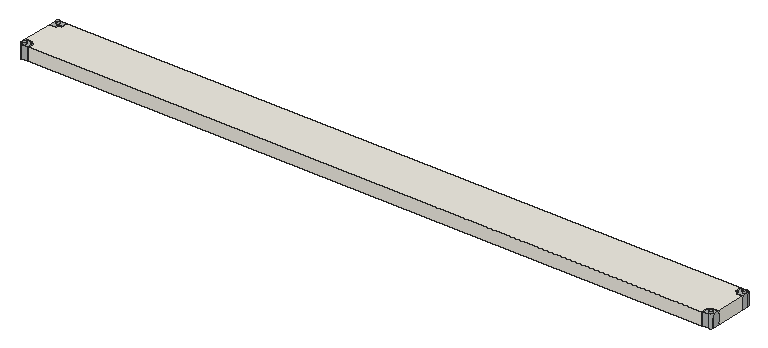
Revit family "HIGHTECH", category Осветительные приборы, Revit 2019 (continued)
Types (32, lengths in mm): name | Файл фотометрической сетки | built-in parameter 1150105 | Lumens | built-in parameter 1150106 | built-in parameter 1150142 | Wattage | Emit from Rectangle Width | Emit from Rectangle Length | Длина | Ширина | ADSK_Ток | ADSK_Полная мощность | ADSK_Обозначение | ADSK_Номинальная мощность | ADSK_Наименование | ADSK_Масса | ADSK_Код изделия
  Hightech-38/opal-sand 160х1195 (IP40, 4000К, белый) c БАП на 1 час | "Светильник HIGHTECH-38 OPAL-SAND-(160x1195).IES" | 262.61 (stored number, unit not read) | 3300 lm | 2.6261 (stored number, unit not read) | "IESNA:LM-63-95\r\n[TEST] Протокол № 50-4\r\n[DATA] 08.06.2016\r\n[MORE] \r\n[MANUFAC] ЗАО \"Центрстройсвет\"\r\n[LUMCAT]  Светильник HIGHTECH-38/OPAL-SAND-(160x1195)\r\n[LUMINAIRE]\r\n[LAMPCAT] Светодиоды\r\n[LAMP] Поток источника света (светодиодов) не известен\r\n[MORE] КСС приведена в абсолютных величинах кд\r\n[MORE] Вместо потока лампы, указан поток светильника.\r\nTILT=NONE\r\n1    3290 1.0 37 73 1 2 0.16 1.195 0.04\r\n1.0 1.0 37.0\r\n0.0 5.0 10.0 15.0 20.0 25.0 30.0 35.0 40.0 45.0 50.0 55.0 60.0 65.0 70.0 75.0 80.0 85.0 90.0 95.0 100.0 105.0 110.0 115.0 120.0 125.0 130.0 135.0 140.0 145.0 150.0 155.0 160.0 165.0 170.0 175.0 180.0\r\n0.0 5.0 10.0 15.0 20.0 25.0 30.0 35.0 40.0 45.0 50.0 55.0 60.0 65.0 70.0 75.0 80.0 85.0 90.0 95.0 100.0 105.0 110.0 115.0 120.0 125.0 130.0 135.0 140.0 145.0 150.0 155.0 160.0 165.0 170.0 175.0 180.0 185.0 190.0 195.0 200.0 205.0 210.0 215.0 220.0 225.0 230.0 235.0 240.0 245.0 250.0 255.0 260.0 265.0 270.0 275.0 280.0 285.0 290.0 295.0 300.0 305.0 310.0 315.0 320.0 325.0 330.0 335.0 340.0 345.0 350.0 355.0 360.0\r\n1253.2 1246.2 1227.5 1186.2 1134.3 1080.2 1008.5 929.2 845.7 758.1 667.9 573.0 479.1 384.2 290.6 200.4 117.7 47.8 2.1 0.0 0.0 0.0 0.0 0.0 0.0 0.0 0.0 0.0 0.0 0.0 0.0 0.0 0.0 0.0 0.0 0.0 0.0\r\n1253.2 1247.0 1225.7 1188.1 1138.8 1075.1 1004.9 931.9 847.2 757.9 668.1 572.7 477.5 384.0 290.6 200.6 118.4 47.9 2.2 0.0 0.0 0.0 0.0 0.0 0.0 0.0 0.0 0.0 0.0 0.0 0.0 0.0 0.0 0.0 0.0 0.0 0.0\r\n1253.2 1248.1 1227.0 1185.9 1138.7 1078.3 1008.7 929.5 848.8 757.9 669.3 574.6 479.7 385.0 291.5 201.5 119.2 48.1 2.2 0.0 0.0 0.0 0.0 0.0 0.0 0.0 0.0 0.0 0.0 0.0 0.0 0.0 0.0 0.0 0.0 0.0 0.0\r\n1253.2 1248.7 1224.9 1187.5 1138.8 1079.1 1011.1 932.8 850.1 760.3 670.1 574.8 481.5 384.6 292.5 203.1 120.2 49.1 2.2 0.0 0.0 0.0 0.0 0.0 0.0 0.0 0.0 0.0 0.0 0.0 0.0 0.0 0.0 0.0 0.0 0.0 0.0\r\n1253.2 1248.6 1224.1 1190.2 1142.9 1083.0 1011.7 935.9 852.7 763.2 669.8 577.6 482.8 388.3 295.5 202.6 121.0 49.8 2.2 0.0 0.0 0.0 0.0 0.0 0.0 0.0 0.0 0.0 0.0 0.0 0.0 0.0 0.0 0.0 0.0 0.0 0.0\r\n1253.2 1248.4 1225.5 1191.0 1146.1 1082.8 1013.2 936.9 854.2 764.3 675.0 579.1 483.7 388.4 293.4 203.8 122.5 49.7 2.4 0.0 0.0 0.0 0.0 0.0 0.0 0.0 0.0 0.0 0.0 0.0 0.0 0.0 0.0 0.0 0.0 0.0 0.0\r\n1253.2 1248.8 1225.9 1190.7 1143.4 1085.3 1015.6 938.4 853.9 767.8 671.8 579.7 486.4 388.3 294.9 205.4 123.4 50.5 2.6 0.0 0.0 0.0 0.0 0.0 0.0 0.0 0.0 0.0 0.0 0.0 0.0 0.0 0.0 0.0 0.0 0.0 0.0\r\n1253.2 1249.7 1225.4 1191.0 1146.5 1088.4 1018.1 941.5 856.1 769.2 678.8 582.6 486.9 391.1 298.4 205.6 124.3 51.6 2.9 0.0 0.0 0.0 0.0 0.0 0.0 0.0 0.0 0.0 0.0 0.0 0.0 0.0 0.0 0.0 0.0 0.0 0.0\r\n1253.2 1250.7 1226.2 1195.1 1146.0 1088.6 1022.5 943.4 860.2 770.2 679.5 584.7 488.6 391.1 298.3 206.4 125.5 52.0 2.8 0.0 0.0 0.0 0.0 0.0 0.0 0.0 0.0 0.0 0.0 0.0 0.0 0.0 0.0 0.0 0.0 0.0 0.0\r\n1253.2 1251.4 1229.0 1197.3 1147.4 1090.4 1020.0 944.8 861.9 772.2 680.2 585.5 491.0 394.2 298.2 209.3 124.9 53.8 2.8 0.0 0.0 0.0 0.0 0.0 0.0 0.0 0.0 0.0 0.0 0.0 0.0 0.0 0.0 0.0 0.0 0.0 0.0\r\n1253.2 1251.7 1229.9 1197.2 1148.0 1091.3 1021.2 946.6 862.9 774.0 683.3 586.3 492.2 397.0 299.0 212.0 125.4 53.6 2.9 0.0 0.0 0.0 0.0 0.0 0.0 0.0 0.0 0.0 0.0 0.0 0.0 0.0 0.0 0.0 0.0 0.0 0.0\r\n1253.2 1251.7 1230.1 1196.7 1150.6 1091.6 1025.1 945.2 861.6 776.4 685.1 590.9 495.4 394.8 302.4 211.8 125.2 55.5 3.1 0.0 0.0 0.0 0.0 0.0 0.0 0.0 0.0 0.0 0.0 0.0 0.0 0.0 0.0 0.0 0.0 0.0 0.0\r\n1253.2 1251.8 1230.0 1196.4 1152.9 1093.8 1023.7 948.4 862.3 776.2 686.9 589.6 495.4 398.5 303.1 208.9 129.0 55.0 3.6 0.0 0.0 0.0 0.0 0.0 0.0 0.0 0.0 0.0 0.0 0.0 0.0 0.0 0.0 0.0 0.0 0.0 0.0\r\n1253.2 1252.2 1231.4 1198.7 1155.6 1094.2 1023.7 946.5 861.5 778.3 686.0 592.0 496.3 400.2 302.7 214.1 128.1 55.7 3.1 0.0 0.0 0.0 0.0 0.0 0.0 0.0 0.0 0.0 0.0 0.0 0.0 0.0 0.0 0.0 0.0 0.0 0.0\r\n1253.2 1252.3 1232.3 1199.1 1154.1 1095.9 1025.8 946.2 866.0 777.5 685.5 591.7 494.4 400.1 306.1 211.6 130.1 57.1 2.8 0.0 0.0 0.0 0.0 0.0 0.0 0.0 0.0 0.0 0.0 0.0 0.0 0.0 0.0 0.0 0.0 0.0 0.0\r\n1253.2 1251.6 1231.1 1199.5 1152.2 1093.5 1023.3 946.3 866.7 775.6 685.0 591.8 492.9 400.3 304.9 211.5 127.2 59.3 4.3 0.0 0.0 0.0 0.0 0.0 0.0 0.0 0.0 0.0 0.0 0.0 0.0 0.0 0.0 0.0 0.0 0.0 0.0\r\n1253.2 1250.8 1231.0 1199.3 1151.9 1093.0 1026.2 947.8 871.7 777.6 687.3 590.5 494.7 400.9 305.6 212.4 128.2 57.4 4.8 0.0 0.0 0.0 0.0 0.0 0.0 0.0 0.0 0.0 0.0 0.0 0.0 0.0 0.0 0.0 0.0 0.0 0.0\r\n1253.2 1250.0 1230.0 1195.8 1148.2 1094.9 1026.3 951.8 867.0 783.3 687.0 594.1 496.5 399.6 305.7 213.3 129.8 57.2 3.9 0.0 0.0 0.0 0.0 0.0 0.0 0.0 0.0 0.0 0.0 0.0 0.0 0.0 0.0 0.0 0.0 0.0 0.0\r\n1253.2 1249.2 1229.3 1195.6 1148.6 1091.3 1021.5 945.9 861.4 777.9 686.0 588.6 493.2 400.2 302.2 211.7 129.6 56.8 3.7 0.0 0.0 0.0 0.0 0.0 0.0 0.0 0.0 0.0 0.0 0.0 0.0 0.0 0.0 0.0 0.0 0.0 0.0\r\n1253.2 1248.3 1228.4 1192.5 1144.0 1087.6 1016.8 941.5 861.9 773.3 684.4 586.8 490.8 397.1 303.0 209.8 126.4 58.3 4.3 0.0 0.0 0.0 0.0 0.0 0.0 0.0 0.0 0.0 0.0 0.0 0.0 0.0 0.0 0.0 0.0 0.0 0.0\r\n1253.2 1247.3 1226.4 1192.4 1143.7 1084.4 1017.9 942.5 863.3 772.4 683.0 589.7 491.6 397.9 303.2 210.7 127.5 55.5 3.2 0.0 0.0 0.0 0.0 0.0 0.0 0.0 0.0 0.0 0.0 0.0 0.0 0.0 0.0 0.0 0.0 0.0 0.0\r\n1253.2 1246.1 1226.5 1190.5 1144.0 1085.0 1017.8 942.1 860.2 774.1 681.1 586.6 490.0 395.2 301.7 208.4 125.5 55.7 3.8 0.0 0.0 0.0 0.0 0.0 0.0 0.0 0.0 0.0 0.0 0.0 0.0 0.0 0.0 0.0 0.0 0.0 0.0\r\n1253.2 1245.3 1227.7 1191.4 1141.6 1083.0 1015.3 941.2 858.2 770.1 677.5 584.8 487.2 391.9 300.2 207.9 123.8 54.7 2.5 0.0 0.0 0.0 0.0 0.0 0.0 0.0 0.0 0.0 0.0 0.0 0.0 0.0 0.0 0.0 0.0 0.0 0.0\r\n1253.2 1245.0 1224.5 1188.8 1139.2 1081.8 1015.0 935.9 855.1 769.1 677.8 581.4 486.6 391.3 297.0 207.1 123.5 54.3 2.5 0.0 0.0 0.0 0.0 0.0 0.0 0.0 0.0 0.0 0.0 0.0 0.0 0.0 0.0 0.0 0.0 0.0 0.0\r\n1253.2 1244.8 1224.4 1188.1 1140.6 1079.1 1012.4 937.1 851.5 765.6 671.7 582.1 485.9 386.4 297.1 204.0 122.3 52.7 2.3 0.0 0.0 0.0 0.0 0.0 0.0 0.0 0.0 0.0 0.0 0.0 0.0 0.0 0.0 0.0 0.0 0.0 0.0\r\n1253.2 1244.4 1224.1 1186.6 1138.8 1079.5 1006.6 932.1 849.9 763.1 672.6 576.5 483.5 385.1 292.3 205.9 120.2 50.6 2.1 0.0 0.0 0.0 0.0 0.0 0.0 0.0 0.0 0.0 0.0 0.0 0.0 0.0 0.0 0.0 0.0 0.0 0.0\r\n1253.2 1244.1 1223.1 1187.3 1141.5 1079.0 1009.2 930.5 843.3 759.0 668.1 574.3 480.4 385.9 289.1 205.3 119.2 50.2 1.5 0.0 0.0 0.0 0.0 0.0 0.0 0.0 0.0 0.0 0.0 0.0 0.0 0.0 0.0 0.0 0.0 0.0 0.0\r\n1253.2 1243.9 1222.5 1185.7 1137.3 1078.6 1005.1 929.7 844.4 757.9 665.5 573.1 478.3 382.8 291.0 200.1 119.7 47.9 1.5 0.0 0.0 0.0 0.0 0.0 0.0 0.0 0.0 0.0 0.0 0.0 0.0 0.0 0.0 0.0 0.0 0.0 0.0\r\n1253.2 1243.5 1222.1 1185.2 1139.0 1075.9 1006.1 925.0 842.4 756.0 663.6 571.0 474.2 381.6 287.1 198.6 118.1 47.3 1.3 0.0 0.0 0.0 0.0 0.0 0.0 0.0 0.0 0.0 0.0 0.0 0.0 0.0 0.0 0.0 0.0 0.0 0.0\r\n1253.2 1242.9 1222.3 1186.5 1136.4 1077.1 1004.8 925.7 839.0 752.7 663.1 570.2 474.1 379.4 286.2 198.5 115.8 45.9 1.1 0.0 0.0 0.0 0.0 0.0 0.0 0.0 0.0 0.0 0.0 0.0 0.0 0.0 0.0 0.0 0.0 0.0 0.0\r\n1253.2 1242.2 1222.0 1184.3 1136.7 1074.4 1001.0 924.5 841.6 752.8 662.1 567.8 473.5 379.3 284.1 195.2 116.8 44.4 0.9 0.0 0.0 0.0 0.0 0.0 0.0 0.0 0.0 0.0 0.0 0.0 0.0 0.0 0.0 0.0 0.0 0.0 0.0\r\n1253.2 1241.7 1220.3 1183.2 1133.6 1075.2 1003.5 925.7 838.8 750.4 659.2 565.7 472.5 376.3 284.0 193.6 115.2 43.5 0.9 0.0 0.0 0.0 0.0 0.0 0.0 0.0 0.0 0.0 0.0 0.0 0.0 0.0 0.0 0.0 0.0 0.0 0.0\r\n1253.2 1241.4 1218.5 1184.3 1135.7 1073.2 1002.8 921.5 838.8 748.8 658.6 565.6 468.2 374.8 282.4 192.9 113.7 43.5 0.8 0.0 0.0 0.0 0.0 0.0 0.0 0.0 0.0 0.0 0.0 0.0 0.0 0.0 0.0 0.0 0.0 0.0 0.0\r\n1253.2 1241.4 1218.6 1183.1 1130.7 1071.2 999.0 920.3 835.8 750.7 658.1 563.0 469.5 374.5 280.7 191.7 112.7 42.7 0.7 0.0 0.0 0.0 0.0 0.0 0.0 0.0 0.0 0.0 0.0 0.0 0.0 0.0 0.0 0.0 0.0 0.0 0.0\r\n1253.2 1241.3 1217.8 1181.3 1131.6 1070.5 998.2 922.3 837.6 747.9 655.1 564.4 468.1 372.3 280.4 191.6 111.0 42.2 0.6 0.0 0.0 0.0 0.0 0.0 0.0 0.0 0.0 0.0 0.0 0.0 0.0 0.0 0.0 0.0 0.0 0.0 0.0\r\n1253.2 1241.0 1216.1 1181.3 1130.1 1067.2 998.7 919.4 839.2 746.8 655.1 564.1 466.7 372.3 280.2 191.4 110.2 42.1 0.6 0.0 0.0 0.0 0.0 0.0 0.0 0.0 0.0 0.0 0.0 0.0 0.0 0.0 0.0 0.0 0.0 0.0 0.0\r\n1253.2 1240.4 1215.6 1179.7 1131.7 1069.3 996.7 921.0 835.4 746.9 655.8 561.8 467.8 371.7 279.1 190.4 110.2 41.6 0.6 0.0 0.0 0.0 0.0 0.0 0.0 0.0 0.0 0.0 0.0 0.0 0.0 0.0 0.0 0.0 0.0 0.0 0.0\r\n1253.2 1239.5 1216.6 1179.0 1129.6 1067.7 998.0 916.4 834.1 745.2 656.0 562.7 466.5 373.0 278.9 190.0 109.6 41.5 0.6 0.0 0.0 0.0 0.0 0.0 0.0 0.0 0.0 0.0 0.0 0.0 0.0 0.0 0.0 0.0 0.0 0.0 0.0\r\n1253.2 1239.0 1216.7 1177.5 1129.3 1069.9 998.7 918.3 834.7 746.3 653.6 561.1 467.4 372.8 278.3 191.1 109.9 41.4 0.6 0.0 0.0 0.0 0.0 0.0 0.0 0.0 0.0 0.0 0.0 0.0 0.0 0.0 0.0 0.0 0.0 0.0 0.0\r\n1253.2 1239.5 1216.7 1178.7 1129.2 1067.3 998.6 919.3 834.7 748.6 655.2 562.4 466.3 372.8 279.4 191.2 110.4 41.4 0.7 0.0 0.0 0.0 0.0 0.0 0.0 0.0 0.0 0.0 0.0 0.0 0.0 0.0 0.0 0.0 0.0 0.0 0.0\r\n1253.2 1240.6 1216.6 1180.1 1128.8 1068.4 994.8 917.9 836.9 745.7 654.9 561.1 466.7 372.1 280.2 190.2 111.7 41.8 0.8 0.0 0.0 0.0 0.0 0.0 0.0 0.0 0.0 0.0 0.0 0.0 0.0 0.0 0.0 0.0 0.0 0.0 0.0\r\n1253.2 1241.2 1216.1 1179.9 1127.4 1065.9 996.0 919.2 835.3 746.0 655.8 563.8 468.6 375.3 281.2 191.3 113.1 42.3 0.9 0.0 0.0 0.0 0.0 0.0 0.0 0.0 0.0 0.0 0.0 0.0 0.0 0.0 0.0 0.0 0.0 0.0 0.0\r\n1253.2 1241.0 1216.3 1176.6 1129.1 1067.9 995.3 921.4 836.5 750.5 659.1 565.1 472.3 374.2 282.1 193.4 114.1 42.9 1.0 0.0 0.0 0.0 0.0 0.0 0.0 0.0 0.0 0.0 0.0 0.0 0.0 0.0 0.0 0.0 0.0 0.0 0.0\r\n1253.2 1240.9 1216.4 1179.2 1127.6 1067.9 999.6 922.8 840.5 750.6 659.2 565.9 471.1 376.1 284.7 194.3 114.0 43.6 1.1 0.0 0.0 0.0 0.0 0.0 0.0 0.0 0.0 0.0 0.0 0.0 0.0 0.0 0.0 0.0 0.0 0.0 0.0\r\n1253.2 1241.1 1216.1 1182.2 1131.4 1067.7 1001.1 924.3 841.6 753.0 661.5 569.1 473.5 377.1 284.8 195.9 116.1 44.9 1.0 0.0 0.0 0.0 0.0 0.0 0.0 0.0 0.0 0.0 0.0 0.0 0.0 0.0 0.0 0.0 0.0 0.0 0.0\r\n1253.2 1241.0 1215.7 1178.5 1126.3 1066.3 1000.7 925.3 843.0 754.9 662.8 570.6 473.8 381.2 285.7 197.9 115.6 46.3 1.0 0.0 0.0 0.0 0.0 0.0 0.0 0.0 0.0 0.0 0.0 0.0 0.0 0.0 0.0 0.0 0.0 0.0 0.0\r\n1253.2 1240.6 1216.9 1179.9 1130.2 1069.8 1003.0 926.7 841.9 755.2 665.8 571.2 478.8 381.2 287.4 199.7 116.2 48.7 1.2 0.0 0.0 0.0 0.0 0.0 0.0 0.0 0.0 0.0 0.0 0.0 0.0 0.0 0.0 0.0 0.0 0.0 0.0\r\n1253.2 1240.2 1217.8 1181.5 1132.1 1074.5 1004.8 929.2 844.5 758.5 667.0 573.0 480.0 385.0 289.8 201.9 116.8 49.9 1.8 0.0 0.0 0.0 0.0 0.0 0.0 0.0 0.0 0.0 0.0 0.0 0.0 0.0 0.0 0.0 0.0 0.0 0.0\r\n1253.2 1240.0 1217.8 1181.0 1132.5 1073.7 1006.5 927.4 845.6 762.4 670.0 575.5 480.5 385.9 289.4 203.7 119.7 48.6 2.2 0.0 0.0 0.0 0.0 0.0 0.0 0.0 0.0 0.0 0.0 0.0 0.0 0.0 0.0 0.0 0.0 0.0 0.0\r\n1253.2 1240.1 1217.6 1182.8 1133.1 1076.6 1007.5 930.0 846.5 762.7 668.8 577.0 482.3 389.1 292.7 202.8 123.7 49.1 1.8 0.0 0.0 0.0 0.0 0.0 0.0 0.0 0.0 0.0 0.0 0.0 0.0 0.0 0.0 0.0 0.0 0.0 0.0\r\n1253.2 1240.7 1218.2 1183.4 1135.8 1075.9 1012.2 932.5 849.2 763.2 670.4 578.3 484.0 386.6 296.5 204.3 120.7 52.9 1.5 0.0 0.0 0.0 0.0 0.0 0.0 0.0 0.0 0.0 0.0 0.0 0.0 0.0 0.0 0.0 0.0 0.0 0.0\r\n1253.2 1241.9 1218.2 1184.0 1135.3 1079.4 1008.5 935.4 854.3 762.1 675.0 581.5 483.5 390.0 296.7 205.3 122.0 52.4 2.7 0.0 0.0 0.0 0.0 0.0 0.0 0.0 0.0 0.0 0.0 0.0 0.0 0.0 0.0 0.0 0.0 0.0 0.0\r\n1253.2 1243.2 1219.3 1183.9 1135.5 1077.7 1013.9 936.1 854.3 766.4 675.2 581.0 485.9 389.4 297.6 206.4 122.6 54.2 3.1 0.0 0.0 0.0 0.0 0.0 0.0 0.0 0.0 0.0 0.0 0.0 0.0 0.0 0.0 0.0 0.0 0.0 0.0\r\n1253.2 1244.0 1222.4 1184.1 1138.0 1078.9 1011.1 936.7 854.8 768.1 677.4 581.9 486.5 391.6 297.0 207.3 125.4 53.2 2.1 0.0 0.0 0.0 0.0 0.0 0.0 0.0 0.0 0.0 0.0 0.0 0.0 0.0 0.0 0.0 0.0 0.0 0.0\r\n1253.2 1245.1 1223.0 1185.9 1136.6 1078.1 1013.2 934.0 852.8 768.3 673.3 580.9 485.6 389.0 296.7 206.9 123.9 53.7 2.4 0.0 0.0 0.0 0.0 0.0 0.0 0.0 0.0 0.0 0.0 0.0 0.0 0.0 0.0 0.0 0.0 0.0 0.0\r\n1253.2 1246.5 1221.7 1184.4 1137.6 1081.8 1014.6 939.7 852.6 767.0 674.1 582.3 486.0 392.8 300.8 207.8 123.0 54.8 3.5 0.0 0.0 0.0 0.0 0.0 0.0 0.0 0.0 0.0 0.0 0.0 0.0 0.0 0.0 0.0 0.0 0.0 0.0\r\n1253.2 1247.3 1220.9 1185.7 1134.8 1076.8 1013.3 936.0 854.4 763.6 674.5 580.5 485.8 392.0 298.4 206.3 125.4 54.8 3.5 0.0 0.0 0.0 0.0 0.0 0.0 0.0 0.0 0.0 0.0 0.0 0.0 0.0 0.0 0.0 0.0 0.0 0.0\r\n1253.2 1247.3 1220.0 1183.6 1137.4 1077.7 1008.6 934.0 851.9 764.5 674.6 582.7 486.3 390.6 297.8 207.3 122.1 55.5 2.7 0.0 0.0 0.0 0.0 0.0 0.0 0.0 0.0 0.0 0.0 0.0 0.0 0.0 0.0 0.0 0.0 0.0 0.0\r\n1253.2 1246.8 1218.3 1185.0 1134.6 1074.3 1009.0 934.4 851.3 764.4 672.5 583.8 483.7 389.6 297.1 206.6 124.9 52.8 3.1 0.0 0.0 0.0 0.0 0.0 0.0 0.0 0.0 0.0 0.0 0.0 0.0 0.0 0.0 0.0 0.0 0.0 0.0\r\n1253.2 1246.1 1219.3 1182.3 1135.7 1077.7 1009.0 933.8 849.1 763.5 673.4 578.9 484.7 389.4 295.7 207.6 122.6 53.6 3.1 0.0 0.0 0.0 0.0 0.0 0.0 0.0 0.0 0.0 0.0 0.0 0.0 0.0 0.0 0.0 0.0 0.0 0.0\r\n1253.2 1245.5 1221.2 1184.2 1134.1 1074.3 1008.5 932.6 849.3 764.8 671.3 578.2 486.2 386.3 296.1 205.6 122.8 53.1 2.6 0.0 0.0 0.0 0.0 0.0 0.0 0.0 0.0 0.0 0.0 0.0 0.0 0.0 0.0 0.0 0.0 0.0 0.0\r\n1253.2 1245.3 1222.3 1181.3 1137.1 1078.8 1006.0 929.4 850.7 761.6 669.5 576.3 483.0 387.3 293.8 206.9 120.4 52.8 2.5 0.0 0.0 0.0 0.0 0.0 0.0 0.0 0.0 0.0 0.0 0.0 0.0 0.0 0.0 0.0 0.0 0.0 0.0\r\n1253.2 1245.4 1220.5 1184.2 1133.6 1075.2 1009.5 932.6 848.6 757.7 670.4 574.2 481.9 385.5 294.7 204.1 122.8 51.6 2.3 0.0 0.0 0.0 0.0 0.0 0.0 0.0 0.0 0.0 0.0 0.0 0.0 0.0 0.0 0.0 0.0 0.0 0.0\r\n1253.2 1245.3 1220.7 1182.4 1138.5 1074.4 1007.3 928.9 845.9 758.6 667.3 577.0 480.3 385.2 292.5 202.1 122.2 50.0 2.5 0.0 0.0 0.0 0.0 0.0 0.0 0.0 0.0 0.0 0.0 0.0 0.0 0.0 0.0 0.0 0.0 0.0 0.0\r\n1253.2 1245.1 1219.5 1182.9 1136.0 1077.5 1004.9 927.6 844.3 760.3 666.7 573.3 477.6 388.0 290.0 204.5 120.6 50.1 2.2 0.0 0.0 0.0 0.0 0.0 0.0 0.0 0.0 0.0 0.0 0.0 0.0 0.0 0.0 0.0 0.0 0.0 0.0\r\n1253.2 1245.4 1221.4 1184.0 1135.0 1076.2 1007.0 927.5 848.0 756.8 666.9 574.1 479.2 385.1 290.6 202.4 121.3 48.9 2.1 0.0 0.0 0.0 0.0 0.0 0.0 0.0 0.0 0.0 0.0 0.0 0.0 0.0 0.0 0.0 0.0 0.0 0.0\r\n1253.2 1245.8 1222.8 1182.5 1134.6 1074.6 1006.5 931.3 844.1 755.4 665.5 574.0 477.8 384.3 291.6 201.6 119.6 48.1 2.1 0.0 0.0 0.0 0.0 0.0 0.0 0.0 0.0 0.0 0.0 0.0 0.0 0.0 0.0 0.0 0.0 0.0 0.0\r\n1253.2 1246.3 1222.6 1182.5 1135.6 1074.3 1006.0 928.3 846.9 757.8 665.0 572.1 477.5 383.3 290.2 200.0 118.4 47.3 2.1 0.0 0.0 0.0 0.0 0.0 0.0 0.0 0.0 0.0 0.0 0.0 0.0 0.0 0.0 0.0 0.0 0.0 0.0\r\n1253.2 1247.0 1224.6 1182.1 1135.8 1074.9 1003.5 929.0 846.9 758.5 665.1 572.3 475.9 383.2 288.8 199.7 118.7 47.1 2.1 0.0 0.0 0.0 0.0 0.0 0.0 0.0 0.0 0.0 0.0 0.0 0.0 0.0 0.0 0.0 0.0 0.0 0.0\r\n1253.2 1247.6 1222.3 1183.0 1134.1 1073.0 1003.8 928.7 844.0 759.1 665.7 570.0 477.0 383.9 288.2 200.0 118.2 47.4 2.1 0.0 0.0 0.0 0.0 0.0 0.0 0.0 0.0 0.0 0.0 0.0 0.0 0.0 0.0 0.0 0.0 0.0 0.0\r\n1253.2 1247.3 1222.8 1183.5 1131.8 1076.8 1003.8 927.4 845.0 753.8 664.0 572.2 476.8 383.2 289.4 200.5 117.8 47.2 2.2 0.0 0.0 0.0 0.0 0.0 0.0 0.0 0.0 0.0 0.0 0.0 0.0 0.0 0.0 0.0 0.0 0.0 0.0\r\n1253.2 1246.4 1225.8 1185.8 1133.6 1077.4 1005.5 928.8 844.9 757.8 665.7 573.3 477.7 383.5 289.5 200.5 117.6 47.3 2.2 0.0 0.0 0.0 0.0 0.0 0.0 0.0 0.0 0.0 0.0 0.0 0.0 0.0 0.0 0.0 0.0 0.0 0.0\r\n1253.2 1246.2 1227.5 1186.2 1134.3 1080.2 1008.5 929.2 845.7 758.1 667.9 573.0 479.1 384.2 290.6 200.4 117.7 47.8 2.1 0.0 0.0 0.0 0.0 0.0 0.0 0.0 0.0 0.0 0.0 0.0 0.0 0.0 0.0 0.0 0.0 0.0 0.0\r\n" | 22.2159 W | 120 | 1155 | 1195 | 160 | 0.179584 A | 41.3043 VA | "Hightech-38/opal-sand 160х1195 (IP40, 4000К, белый)" | 38 W | "Универсальный светодиодный светильник Hightech-38/opal-sand 160х1195 (IP40, 4000К, белый) c БАП на 1 час" | 1.6 | "ЦБ000007725"
